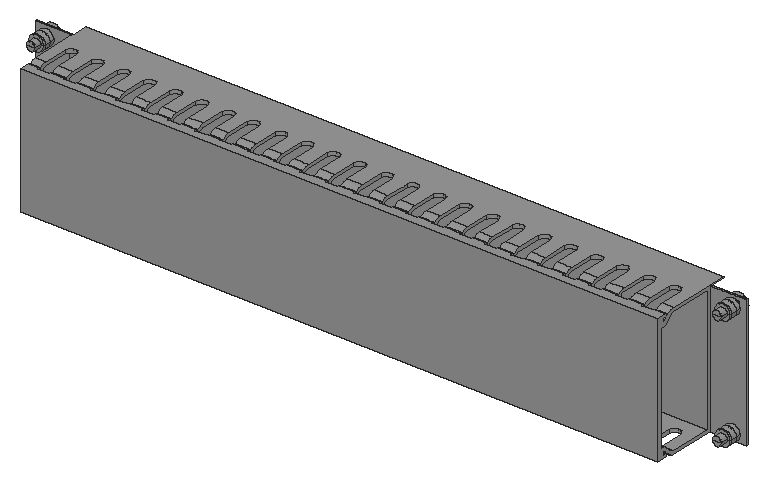
Revit family "ITK 19 Кабельный органайзер с крышкой", category Обобщенные модели, Revit 2016
Family settings
  Тип детали = Нормальный
  Может служить основой для арматурных стержней = Нет
  Размер круглого соединителя = Использовать диаметр
  На основе рабочей плоскости = Нет
  Всегда вертикально = Да
  При загрузке вырезать с полостями = Нет
  Общий = Нет
  Точка расчета площади = Нет
Parameters
  Ширина = 483 mm
  Описание = "19-дюймовые кабельные организаторы ITK предназначены для горизонтальной организации кабеля и кабельных пучков в шкафах и стойках для укладки кабелей в пространствах между коммутационными панелями и установленным активным оборудованием, обеспечивают их поддержку в пределах монтажной высоты шкафа, гарантируют необходимый радиус изгиба коммутационных шнуров и кабеля при подведении их к оборудованию, позволяют избежать перекручивания и спутывания кабелей. При использовании кабельных организаторов существенно снижается вероятность появления сильных перегибов и изломов кабелей, повышается скорость и эффективность работы IT-специалистов и администраторов при обслуживании шкафов и стоек.\r\n\r\nКабельные органайзеры устанавливаются на 19-дюймовые монтажные профили, занимая при этом один или два юнита полезной высоты. Монтаж осуществляется с помощью крепежа винт-шайба-гайка.\r\n\r\nГоризонтальные кабельные организаторы представлены двумя основными видами: открытый органайзер с кольцами или закрытого типа с крышкой. Высота органайзеров: 1U или 2U. Материал: листовая сталь. В комплект поставки входит органайзер и комплект крепежа.\r\nСовместимы со всеми 19-дюймовыми шкафами и стойками ITK.\r\nОбладают современным привлекательным дизайном и продуманной конструкцией.\r\nУдобны в монтаже и эксплуатации.\r\nСоответствие международным стандартам ISO9001, IEC 297, ISO/IEC 11801. \r\nСертифицированы по ГОСТ Р.\r\nВсе аксессуары идут с крепежом.\r\nВозможно исполнение в двух цветах: серый (RAL7035) и черный (RAL9005).\r\nВсегда в наличии на складе.\r\nГарантия на все аксессуары до 2-х лет."  # constant formula
  Материал = Окраска - RAL 7035
  Type Comments = ""
  Изготовитель = "ITK"  # constant formula
  Глубина = 45 mm
  Высота = 89 mm
  URL = "http://www.itk-group.ru/produktsiya/catalog/?page=section&id=564&pagen=1&pagec=100"
  ADSK_Примечание = ""
  ADSK_Позиция [instance] = ""
  ADSK_Наименование краткое = "CO35-2MCM"
  ADSK_Наименование = "ITK Кабельный органайзер с крышкой 19\" 2U, серый"
  ADSK_Масса = 0
  ADSK_Марка = "CO35-2MCM"
  ADSK_Код изделия = ""
  ADSK_Завод-изготовитель = "IEK"
  ADSK_Единица измерения = "шт"
  ADSK_Группирование = "I. ЩИТЫ И ПУЛЬТЫ"
Reference planes
  plane 1 "По центру (Вперед/Назад)": y = 0
  plane 2: z = 0
  plane 3 "По центру (Влево/Вправо)": x = 0
  plane 4: x = -241.5
  plane 5: x = 241.5
  plane 6: x = -216.5
  plane 7: x = 216.5
  plane 8: z = 89
  plane 9: z = 44.5
  plane 10: y = -45
Forms (mm)
  Extrusion 1, solid, material "Окраска - RAL 7035" <- "Материал", detail levels fine
    sketch origin (0, 0, 0) x (1, 0, 0) y (0, 1, 0)
      loop
        line (-241.5, 0) -> (-241.5, -1) -> (241.5, -1) -> (241.5, 0) -> (-241.5, 0)
    from 0 to 89
  Extrusion 2, void
    sketch origin (-2000, -1, 1200) x (-1, 0, 0) y (0, 0, -1)
      loop
        circle (-1765.975, 1116) r 2.967
      loop
        circle (-1765.975, 1195) r 2.967
      loop
        circle (-2234.025, 1116) r 2.967
      loop
        circle (-2234.025, 1195) r 2.967
    from -1 to 1.964
  Extrusion 3, solid, material "Окраска - RAL 7035" <- "Материал", detail levels fine
    sketch origin (-216.5, 2000, 1200) x (0, 1, 0) y (0, 0, 1)
      loop
        line (-1989, -1111) -> (-2000, -1111) -> (-2000, -1112) -> (-1989, -1112) -> (-1989, -1111)
      loop
        line (-1992.467, -1200) -> (-1992.467, -1199) -> (-2000, -1199) -> (-2000, -1200) -> (-1992.467, -1200)
    from 0 to 433
  Extrusion 4, solid, material "Окраска - RAL 7035" <- "Материал", detail levels fine
    sketch origin (-241.5, 2000, 1200) x (0, 1, 0) y (0, 0, 1)
      loop
        line (-2002.964, -1113.033) -> (-2031.639, -1113.033)
        arc (-2031.639, -1113.033) -> (-2033.467, -1113.359) -> (-2035.043, -1114.342) r 4.903
        line (-2035.043, -1114.342) -> (-2039.626, -1118.598) -> (-2042.093, -1118.598) -> (-2042.093, -1113.711) -> (-2042.982, -1113.711) -> (-2042.982, -1197.289) -> (-2042.093, -1197.289) -> (-2042.093, -1192.402) -> (-2039.626, -1192.402) -> (-2035.043, -1196.658)
        arc (-2035.043, -1196.658) -> (-2033.467, -1197.641) -> (-2031.639, -1197.967) r 4.903
        line (-2031.639, -1197.967) -> (-2002.964, -1197.967) -> (-2002.964, -1113.033)
      loop
        line (-2001, -1111.033) -> (-2031.626, -1111.033)
        arc (-2031.626, -1111.033) -> (-2034.192, -1111.495) -> (-2036.404, -1112.877) r 6.903
        line (-2036.404, -1112.877) -> (-2040.987, -1117.132) -> (-2040.987, -1113.711) -> (-2038.167, -1113.711) -> (-2038.167, -1112.132) -> (-2045, -1112.132) -> (-2045, -1198.868) -> (-2038.167, -1198.868) -> (-2038.167, -1197.289) -> (-2040.987, -1197.289) -> (-2040.987, -1193.868) -> (-2036.404, -1198.123)
        arc (-2036.404, -1198.123) -> (-2034.192, -1199.505) -> (-2031.626, -1199.967) r 6.903
        line (-2031.626, -1199.967) -> (-2001, -1199.967) -> (-2001, -1111.033)
    from 25 to 458
  Revolve 5, solid, material "Окраска - RAL 7035" <- "Материал", detail levels fine
    sketch origin (0.938, 29.553, 5.937) x (0, 1, 0) y (-1, 0, 0)
      loop
        line (-44.803, 236.911) -> (-44.803, 234.025) -> (-26.053, 234.025) -> (-26.053, 240.161) -> (-29.553, 240.161) -> (-29.553, 236.911) -> (-32.003, 236.911) -> (-32.003, 239.143)
        arc (-32.003, 239.143) -> (-33.603, 239.05) -> (-35.203, 239.122) r 15.465
        line (-35.203, 239.122) -> (-39.203, 239.122)
        arc (-39.203, 239.122) -> (-39.704, 239.122) -> (-40.203, 239.083) r 6.422
        line (-40.203, 239.083) -> (-40.203, 236.911) -> (-44.803, 236.911)
      axis (-26.053, 234.025) -> (-44.803, 234.025)
    angle from 0 to 360
  Revolve 6, solid, material "Окраска - RAL 7035" <- "Материал", detail levels fine
    sketch origin (0.938, 30.928, 82.562) x (0, 1, 0) y (-1, 0, 0)
      loop
        line (-46.178, 236.911) -> (-46.178, 234.025) -> (-27.428, 234.025) -> (-27.428, 240.161) -> (-30.928, 240.161) -> (-30.928, 236.911) -> (-33.378, 236.911) -> (-33.378, 239.143)
        arc (-33.378, 239.143) -> (-34.978, 239.05) -> (-36.578, 239.122) r 15.465
        line (-36.578, 239.122) -> (-40.578, 239.122)
        arc (-40.578, 239.122) -> (-41.079, 239.122) -> (-41.578, 239.083) r 6.422
        line (-41.578, 239.083) -> (-41.578, 236.911) -> (-46.178, 236.911)
      axis (-27.428, 234.025) -> (-46.178, 234.025)
    angle from 0 to 360
  Revolve 7, solid, material "Окраска - RAL 7035" <- "Материал", detail levels fine
    sketch origin (465.796, 30.928, 82.563) x (0, 1, 0) y (-1, 0, 0)
      loop
        line (-46.178, 235.911) -> (-46.178, 233.025) -> (-27.428, 233.025) -> (-27.428, 239.161) -> (-30.928, 239.161) -> (-30.928, 235.911) -> (-33.378, 235.911) -> (-33.378, 238.143)
        arc (-33.378, 238.143) -> (-34.978, 238.05) -> (-36.578, 238.122) r 15.465
        line (-36.578, 238.122) -> (-40.578, 238.122)
        arc (-40.578, 238.122) -> (-41.079, 238.122) -> (-41.578, 238.083) r 6.422
        line (-41.578, 238.083) -> (-41.578, 235.911) -> (-46.178, 235.911)
      axis (-27.428, 233.025) -> (-46.178, 233.025)
    angle from 0 to 360
  Revolve 8, solid, material "Окраска - RAL 7035" <- "Материал", detail levels fine
    sketch origin (-1.25, 30.928, 5.937) x (0, 1, 0) y (-1, 0, 0)
      loop
        line (-46.178, -231.135) -> (-46.178, -234.021) -> (-27.428, -234.021) -> (-27.428, -227.885) -> (-30.928, -227.885) -> (-30.928, -231.135) -> (-33.378, -231.135) -> (-33.378, -228.903)
        arc (-33.378, -228.903) -> (-34.978, -228.997) -> (-36.578, -228.924) r 15.465
        line (-36.578, -228.924) -> (-40.578, -228.924)
        arc (-40.578, -228.924) -> (-41.079, -228.924) -> (-41.578, -228.963) r 6.422
        line (-41.578, -228.963) -> (-41.578, -231.135) -> (-46.178, -231.135)
      axis (-27.428, -234.021) -> (-46.178, -234.021)
    angle from 0 to 360
  Extrusion 9, void
    sketch origin (0, 0, 0) x (1, 0, 0) y (0, 1, 0)
      loop
        line (-201.132, -39.115) -> (-201.132, -16.303)
        arc (-201.132, -16.303) -> (-205.212, -12.223) -> (-209.293, -16.303) r 4.08
        line (-209.293, -16.303) -> (-209.293, -39.115) -> (-201.132, -39.115)
      loop
        line (-183.354, -39.115) -> (-183.354, -16.303)
        arc (-183.354, -16.303) -> (-187.435, -12.223) -> (-191.515, -16.303) r 4.08
        line (-191.515, -16.303) -> (-191.515, -39.115) -> (-183.354, -39.115)
      loop
        line (-165.478, -39.115) -> (-165.478, -16.303)
        arc (-165.478, -16.303) -> (-169.559, -12.223) -> (-173.639, -16.303) r 4.08
        line (-173.639, -16.303) -> (-173.639, -39.115) -> (-165.478, -39.115)
      loop
        line (-147.881, -39.115) -> (-147.881, -16.303)
        arc (-147.881, -16.303) -> (-151.962, -12.223) -> (-156.042, -16.303) r 4.08
        line (-156.042, -16.303) -> (-156.042, -39.115) -> (-147.881, -39.115)
      loop
        line (-130.281, -39.115) -> (-130.281, -16.303)
        arc (-130.281, -16.303) -> (-134.362, -12.223) -> (-138.442, -16.303) r 4.08
        line (-138.442, -16.303) -> (-138.442, -39.115) -> (-130.281, -39.115)
      loop
        line (-112.581, -39.115) -> (-112.581, -16.303)
        arc (-112.581, -16.303) -> (-116.662, -12.223) -> (-120.742, -16.303) r 4.08
        line (-120.742, -16.303) -> (-120.742, -39.115) -> (-112.581, -39.115)
      loop
        line (-94.389, -39.115) -> (-94.389, -16.303)
        arc (-94.389, -16.303) -> (-98.47, -12.223) -> (-102.55, -16.303) r 4.08
        line (-102.55, -16.303) -> (-102.55, -39.115) -> (-94.389, -39.115)
      loop
        line (-77.389, -39.115) -> (-77.389, -16.303)
        arc (-77.389, -16.303) -> (-81.47, -12.223) -> (-85.55, -16.303) r 4.08
        line (-85.55, -16.303) -> (-85.55, -39.115) -> (-77.389, -39.115)
      loop
        line (-58.678, -39.115) -> (-58.678, -16.303)
        arc (-58.678, -16.303) -> (-62.759, -12.223) -> (-66.839, -16.303) r 4.08
        line (-66.839, -16.303) -> (-66.839, -39.115) -> (-58.678, -39.115)
      loop
        line (-41.045, -39.115) -> (-41.045, -16.303)
        arc (-41.045, -16.303) -> (-45.126, -12.223) -> (-49.206, -16.303) r 4.08
        line (-49.206, -16.303) -> (-49.206, -39.115) -> (-41.045, -39.115)
      loop
        line (-23.116, -39.115) -> (-23.116, -16.303)
        arc (-23.116, -16.303) -> (-27.196, -12.223) -> (-31.277, -16.303) r 4.08
        line (-31.277, -16.303) -> (-31.277, -39.115) -> (-23.116, -39.115)
      loop
        line (-5.482, -39.115) -> (-5.482, -16.303)
        arc (-5.482, -16.303) -> (-9.563, -12.223) -> (-13.643, -16.303) r 4.08
        line (-13.643, -16.303) -> (-13.643, -39.115) -> (-5.482, -39.115)
      loop
        line (200.632, -39.115) -> (208.793, -39.115) -> (208.793, -16.303)
        arc (208.793, -16.303) -> (204.712, -12.223) -> (200.632, -16.303) r 4.08
        line (200.632, -16.303) -> (200.632, -39.115)
      loop
        line (182.854, -39.115) -> (191.015, -39.115) -> (191.015, -16.303)
        arc (191.015, -16.303) -> (186.935, -12.223) -> (182.854, -16.303) r 4.08
        line (182.854, -16.303) -> (182.854, -39.115)
      loop
        line (164.978, -39.115) -> (173.139, -39.115) -> (173.139, -16.303)
        arc (173.139, -16.303) -> (169.059, -12.223) -> (164.978, -16.303) r 4.08
        line (164.978, -16.303) -> (164.978, -39.115)
      loop
        line (147.381, -39.115) -> (155.542, -39.115) -> (155.542, -16.303)
        arc (155.542, -16.303) -> (151.462, -12.223) -> (147.381, -16.303) r 4.08
        line (147.381, -16.303) -> (147.381, -39.115)
      loop
        line (129.781, -39.115) -> (137.942, -39.115) -> (137.942, -16.303)
        arc (137.942, -16.303) -> (133.862, -12.223) -> (129.781, -16.303) r 4.08
        line (129.781, -16.303) -> (129.781, -39.115)
      loop
        line (112.081, -39.115) -> (120.242, -39.115) -> (120.242, -16.303)
        arc (120.242, -16.303) -> (116.162, -12.223) -> (112.081, -16.303) r 4.08
        line (112.081, -16.303) -> (112.081, -39.115)
      loop
        line (93.889, -39.115) -> (102.05, -39.115) -> (102.05, -16.303)
        arc (102.05, -16.303) -> (97.97, -12.223) -> (93.889, -16.303) r 4.08
        line (93.889, -16.303) -> (93.889, -39.115)
      loop
        line (76.889, -39.115) -> (85.05, -39.115) -> (85.05, -16.303)
        arc (85.05, -16.303) -> (80.97, -12.223) -> (76.889, -16.303) r 4.08
        line (76.889, -16.303) -> (76.889, -39.115)
      loop
        line (58.178, -39.115) -> (66.339, -39.115) -> (66.339, -16.303)
        arc (66.339, -16.303) -> (62.259, -12.223) -> (58.178, -16.303) r 4.08
        line (58.178, -16.303) -> (58.178, -39.115)
      loop
        line (40.545, -39.115) -> (48.706, -39.115) -> (48.706, -16.303)
        arc (48.706, -16.303) -> (44.626, -12.223) -> (40.545, -16.303) r 4.08
        line (40.545, -16.303) -> (40.545, -39.115)
      loop
        line (22.616, -39.115) -> (30.777, -39.115) -> (30.777, -16.303)
        arc (30.777, -16.303) -> (26.696, -12.223) -> (22.616, -16.303) r 4.08
        line (22.616, -16.303) -> (22.616, -39.115)
      loop
        line (4.982, -39.115) -> (13.143, -39.115) -> (13.143, -16.303)
        arc (13.143, -16.303) -> (9.063, -12.223) -> (4.982, -16.303) r 4.08
        line (4.982, -16.303) -> (4.982, -39.115)
    from -7.955 to 100
Cuts and joins
  Extrusion 2 cuts Extrusion 1
  Extrusion 9 cuts Extrusion 4
  joined: Extrusion 1, Extrusion 3, Extrusion 4
Dimensions and locks
  equal spacing: plane 4, plane 3 "По центру (Влево/Вправо)", plane 5
  "Ширина": plane 4 to plane 5
  plane 7 to plane 5 = 25 mm
  plane 4 to plane 6 = 25 mm
  "Высота": plane 8 to plane 2
  equal spacing: plane 8, plane 9, plane 2
  plane 8 to level = 89 mm
  "Глубина": plane 1 "По центру (Вперед/Назад)" to plane 10
  locked: plane 8 to Revolve 6 at 11.535
  locked: plane 8 to Revolve 7 at 11.535
  aligned and locked: level to plane 2
  aligned and locked: plane 1 "По центру (Вперед/Назад)" to Extrusion 1 sketch curve
  aligned and locked: plane 4 to Extrusion 1 sketch curve
  aligned and locked: plane 5 to Extrusion 1 sketch curve
  aligned and locked: plane 8 to Extrusion 1
  aligned and locked: Extrusion 1 to plane 2
  aligned and locked: Extrusion 2 to plane 1 "По центру (Вперед/Назад)"
  aligned and locked: Extrusion 3 to plane 7
  aligned and locked: Extrusion 3 to plane 6
  aligned and locked: level to Extrusion 3 sketch curve
  aligned and locked: Extrusion 3 sketch curve to plane 8
  aligned and locked: Extrusion 4 to plane 6
  aligned and locked: Revolve 5 sketch curve to Revolve 5 sketch curve
  aligned and locked: Revolve 6 sketch curve to Revolve 6 sketch curve
  aligned and locked: Revolve 7 sketch curve to Revolve 7 sketch curve
  aligned and locked: Revolve 8 sketch curve to Revolve 8 sketch curve
  aligned and locked: Extrusion 4 to plane 7
  aligned and locked: plane 10 to Extrusion 4 sketch curve
Automatic sketch dimensions
  Extrusion 2 sketch curve to plane 5 = 7.475 mm  (x2)
  Extrusion 2 sketch curve to plane 4 = 7.475 mm  (x2)
  Extrusion 3 sketch curve to plane 1 "По центру (Вперед/Назад)" = 0 mm  (x2)
  level to Extrusion 3 sketch curve = 1 mm
  Extrusion 3 sketch curve to plane 8 = 1 mm
  Revolve 5 sketch curve to Revolve 5 sketch curve = 2.45 mm
  Revolve 5 sketch curve to Revolve 5 sketch curve = 3.2 mm
  Revolve 5 sketch curve to Revolve 5 sketch curve = 4 mm
  Revolve 5 sketch curve to Revolve 5 sketch curve = 0.25 mm
  Revolve 5 sketch curve to Revolve 5 sketch curve = 1 mm
  Revolve 5 sketch curve to Revolve 5 sketch curve = 4.6 mm
  plane 4 to Revolve 5 sketch curve = 9.732 mm
  Revolve 5 sketch curve to Revolve 5 sketch curve = 1.32 mm
  Revolve 5 sketch curve to Revolve 5 sketch curve = 4.206 mm
  Revolve 5 sketch curve to Revolve 5 sketch curve = 2.886 mm
  Revolve 5 sketch curve to Revolve 5 sketch curve = 2.172 mm
  Revolve 5 sketch curve to Revolve 5 sketch curve = 2.232 mm
  plane 4 to Revolve 5 sketch curve = 2.276 mm
  Revolve 5 sketch curve to Revolve 5 sketch curve = 0 mm  (x2)
  Revolve 6 sketch curve to Revolve 6 sketch curve = 2.45 mm
  Revolve 6 sketch curve to Revolve 6 sketch curve = 3.2 mm
  Revolve 6 sketch curve to Revolve 6 sketch curve = 4 mm
  Revolve 6 sketch curve to Revolve 6 sketch curve = 0.25 mm
  Revolve 6 sketch curve to Revolve 6 sketch curve = 1 mm
  Revolve 6 sketch curve to Revolve 6 sketch curve = 4.6 mm
  plane 4 to Revolve 6 sketch curve = 9.732 mm
  Revolve 6 sketch curve to Revolve 6 sketch curve = 1.32 mm
  Revolve 6 sketch curve to Revolve 6 sketch curve = 4.206 mm
  Revolve 6 sketch curve to Revolve 6 sketch curve = 2.886 mm
  Revolve 6 sketch curve to Revolve 6 sketch curve = 2.172 mm
  Revolve 6 sketch curve to Revolve 6 sketch curve = 2.232 mm
  plane 4 to Revolve 6 sketch curve = 2.276 mm
  Revolve 6 sketch curve to Revolve 6 sketch curve = 0 mm  (x2)
  Revolve 7 sketch curve to Revolve 7 sketch curve = 2.45 mm
  Revolve 7 sketch curve to Revolve 7 sketch curve = 3.2 mm
  Revolve 7 sketch curve to Revolve 7 sketch curve = 4 mm
  Revolve 7 sketch curve to Revolve 7 sketch curve = 0.25 mm
  Revolve 7 sketch curve to Revolve 7 sketch curve = 1 mm
  Revolve 7 sketch curve to Revolve 7 sketch curve = 4.6 mm
  plane 5 to Revolve 7 sketch curve = 7.409 mm
  Revolve 7 sketch curve to Revolve 7 sketch curve = 1.32 mm
  Revolve 7 sketch curve to Revolve 7 sketch curve = 4.206 mm
  Revolve 7 sketch curve to Revolve 7 sketch curve = 2.886 mm
  Revolve 7 sketch curve to Revolve 7 sketch curve = 2.172 mm
  Revolve 7 sketch curve to Revolve 7 sketch curve = 2.232 mm
  Revolve 7 sketch curve to Revolve 7 sketch curve = 1.018 mm
  Revolve 7 sketch curve to Revolve 7 sketch curve = 0 mm  (x2)
  Revolve 8 sketch curve to Revolve 8 sketch curve = 2.45 mm
  Revolve 8 sketch curve to Revolve 8 sketch curve = 3.2 mm
  Revolve 8 sketch curve to Revolve 8 sketch curve = 4 mm
  Revolve 8 sketch curve to Revolve 8 sketch curve = 0.25 mm
  Revolve 8 sketch curve to Revolve 8 sketch curve = 1 mm
  Revolve 8 sketch curve to Revolve 8 sketch curve = 4.6 mm
  plane 5 to Revolve 8 sketch curve = 7.409 mm
  Revolve 8 sketch curve to Revolve 8 sketch curve = 1.32 mm
  Revolve 8 sketch curve to Revolve 8 sketch curve = 4.206 mm
  Revolve 8 sketch curve to Revolve 8 sketch curve = 2.886 mm
  Revolve 8 sketch curve to Revolve 8 sketch curve = 2.172 mm
  Revolve 8 sketch curve to Revolve 8 sketch curve = 2.232 mm
  Revolve 8 sketch curve to Revolve 8 sketch curve = 1.018 mm
  Revolve 8 sketch curve to Revolve 8 sketch curve = 0 mm  (x2)
  plane 8 to Extrusion 2 sketch curve = 5 mm  (x2)
  Extrusion 2 sketch curve to level = 5 mm  (x2)
  Extrusion 3 sketch curve to Extrusion 3 sketch curve = 7.533 mm
  Extrusion 3 sketch curve to plane 1 "По центру (Вперед/Назад)" = 11 mm
  plane 1 "По центру (Вперед/Назад)" to Extrusion 1 sketch curve = 1 mm
  plane 1 "По центру (Вперед/Назад)" to Revolve 5 sketch curve = 15.25 mm
  plane 1 "По центру (Вперед/Назад)" to Revolve 5 sketch curve = 4.15 mm
  Revolve 5 sketch curve to plane 1 "По центру (Вперед/Назад)" = 3.5 mm
  plane 1 "По центру (Вперед/Назад)" to Revolve 6 sketch curve = 15.25 mm
  plane 1 "По центру (Вперед/Назад)" to Revolve 6 sketch curve = 4.15 mm
  Revolve 6 sketch curve to plane 1 "По центру (Вперед/Назад)" = 3.5 mm
  plane 1 "По центру (Вперед/Назад)" to Revolve 7 sketch curve = 15.25 mm
  plane 1 "По центру (Вперед/Назад)" to Revolve 7 sketch curve = 4.15 mm
  Revolve 7 sketch curve to plane 1 "По центру (Вперед/Назад)" = 3.5 mm
  plane 1 "По центру (Вперед/Назад)" to Revolve 8 sketch curve = 15.25 mm
  plane 1 "По центру (Вперед/Назад)" to Revolve 8 sketch curve = 4.15 mm
  Revolve 8 sketch curve to plane 1 "По центру (Вперед/Назад)" = 3.5 mm
  plane 6 to Extrusion 9 sketch curve = 7.207 mm
  Extrusion 9 sketch curve to Extrusion 9 sketch curve = 4.08 mm  (x24)
  Extrusion 9 sketch curve to Extrusion 9 sketch curve = 9.617 mm  (x2)
  Extrusion 9 sketch curve to Extrusion 9 sketch curve = 9.715 mm  (x2)
  Extrusion 9 sketch curve to Extrusion 9 sketch curve = 9.436 mm  (x2)
  Extrusion 9 sketch curve to Extrusion 9 sketch curve = 9.439 mm  (x2)
  Extrusion 9 sketch curve to Extrusion 9 sketch curve = 9.539 mm  (x2)
  Extrusion 9 sketch curve to Extrusion 9 sketch curve = 10.031 mm  (x2)
  Extrusion 9 sketch curve to Extrusion 9 sketch curve = 8.839 mm  (x2)
  Extrusion 9 sketch curve to Extrusion 9 sketch curve = 10.55 mm  (x2)
  Extrusion 9 sketch curve to Extrusion 9 sketch curve = 9.472 mm  (x4)
  Extrusion 9 sketch curve to Extrusion 9 sketch curve = 9.769 mm  (x2)
  plane 3 "По центру (Влево/Вправо)" to Extrusion 9 sketch curve = 4.982 mm
  plane 1 "По центру (Вперед/Назад)" to Extrusion 9 sketch curve = 39.115 mm  (x2)
  Extrusion 9 sketch curve to Extrusion 9 sketch curve = 0 mm  (x33)
  plane 1 "По центру (Вперед/Назад)" to Extrusion 9 sketch curve = 16.303 mm  (x13)
  Extrusion 4 sketch curve to Extrusion 4 sketch curve = 0 mm  (x6)
  Extrusion 4 sketch curve to plane 10 = 2.018 mm
  Extrusion 4 sketch curve to Extrusion 4 sketch curve = 0.889 mm  (x2)
  Extrusion 4 sketch curve to Extrusion 4 sketch curve = 1.106 mm  (x2)
  Extrusion 4 sketch curve to Extrusion 4 sketch curve = 1.361 mm  (x4)
  Extrusion 4 sketch curve to Extrusion 4 sketch curve = 2.82 mm  (x2)
  level to Extrusion 4 sketch curve = 1.132 mm
  level to Extrusion 4 sketch curve = 1.877 mm
  Extrusion 4 sketch curve to Extrusion 4 sketch curve = 1.763 mm  (x2)
  Extrusion 4 sketch curve to plane 8 = 1.877 mm
  Extrusion 4 sketch curve to plane 8 = 3.342 mm
  level to Extrusion 4 sketch curve = 3.342 mm
  Extrusion 4 sketch curve to Extrusion 4 sketch curve = 3.336 mm  (x2)
  Extrusion 4 sketch curve to Extrusion 4 sketch curve = 3.405 mm  (x2)
  level to Extrusion 4 sketch curve = 0.033 mm
  Extrusion 4 sketch curve to Extrusion 4 sketch curve = 0.013 mm  (x2)
  Extrusion 4 sketch curve to plane 8 = 0.033 mm
  plane 1 "По центру (Вперед/Назад)" to Extrusion 4 sketch curve = 2.964 mm
  plane 1 "По центру (Вперед/Назад)" to Extrusion 4 sketch curve = 1 mm
  level to Extrusion 4 sketch curve = 2.711 mm
  Extrusion 4 sketch curve to Extrusion 4 sketch curve = 3.421 mm
  Extrusion 4 sketch curve to Extrusion 4 sketch curve = 1.466 mm  (x2)
  Extrusion 4 sketch curve to Extrusion 4 sketch curve = 4.256 mm
  Extrusion 4 sketch curve to plane 8 = 2.711 mm
  Extrusion 4 sketch curve to plane 8 = 1.132 mm
  radius of Extrusion 2 sketch curve = 2.967 mm  (x4)
Types in the file's own list only (4): name | Ширина | Материал | Глубина | Высота | ADSK_Наименование краткое | ADSK_Наименование | ADSK_Марка
  CO05-1MCM | 483 мм | Окраска - RAL 9005 | 45 мм | 45 мм | "CO05-1MCM" | "ITK Кабельный органайзер с крышкой 19\" 1U, черный" | "CO05-1MCM"
  CO05-2MCM | 483 мм | Окраска - RAL 9005 | 45 мм | 89 мм | "CO05-2MCM" | "ITK Кабельный органайзер с крышкой 19\" 2U, черный" | "CO05-2MCM"
  CO35-1MCM | 483 мм | Окраска - RAL 7035 | 45 мм | 45 мм | "CO35-1MCM" | "ITK Кабельный органайзер с крышкой 19\" 1U, серый" | "CO35-1MCM"
  CO35-2MCM | 483 мм | Окраска - RAL 7035 | 45 мм | 89 мм | "CO35-2MCM" | "ITK Кабельный органайзер с крышкой 19\" 2U, серый" | "CO35-2MCM"
